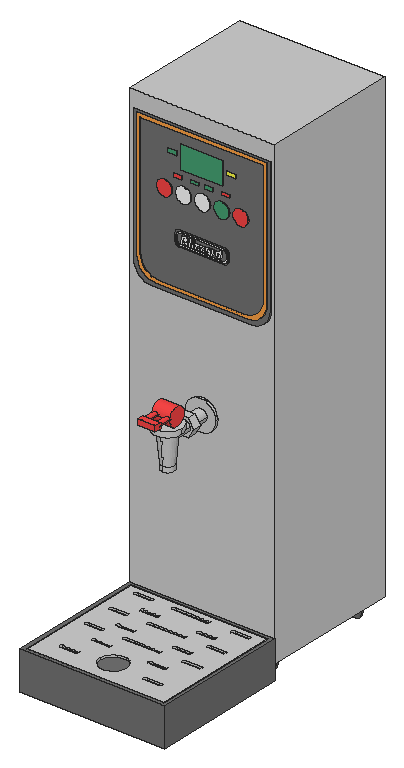
Revit family "QF_BLIZZARD_AF10", category Specialty Equipment, Revit 2016
Family settings
  Part Type = Normal
  Round Connector Dimension = Use Diameter
  OmniClass Number = 23.40.40.14
  OmniClass Title = Food Service Equipment
  Work Plane-Based = No
  Always vertical = Yes
  Cut with Voids When Loaded = No
  Shared = No
  Room Calculation Point = No
Parameters (values of type "AF10")
  URL = "www.blizzardequipment.com"
  Show Logo [instance] = yes
  Show Clearance [instance] = yes
  Model = "AF10"
  Manufacturer = "BLIZZARD"
  Description = "10 LITRE AUTOFILL WATER BOILER"
  Assembly Code = "E1090320"
Reference planes
  plane 1 "Back": y = 0
  plane 2: z = 0
  plane 3 "Left": x = 0
  plane 4 "Right": x = 190
  plane 5 "Front": y = -360
  plane 6 "Top": z = 630
Forms (mm)
  Extrusion 1, solid
    sketch origin (50, 577.394, -395) x (0, -1, 0) y (0, 0, 1)
      loop
        line (577.394, 1025) -> (577.394, 415) -> (757.394, 415) -> (757.394, 1025) -> (577.394, 1025)
    from -140 to 50
  Revolve 2, solid
    sketch origin (3.941, -20, 0) x (1, 0, 0) y (0, 0, 1)
      loop
        line (6.442, 20) -> (11.059, 0) -> (16.059, 0) -> (16.059, 20) -> (6.442, 20)
      axis (16.059, 0) -> (16.059, 20)
    angle from 0 to 360
  Revolve 3, solid
    sketch origin (3.941, -160, 0) x (1, 0, 0) y (0, 0, -1)
      loop
        line (6.442, -20) -> (16.059, -20) -> (16.059, 0) -> (11.059, 0) -> (6.442, -20)
      axis (16.059, 0) -> (16.059, -20)
    angle from 0 to 360
  Revolve 4, solid
    sketch origin (186.059, -20, 0) x (-1, 0, 0) y (0, 0, -1)
      loop
        line (6.442, -20) -> (16.059, -20) -> (16.059, 0) -> (11.059, 0) -> (6.442, -20)
      axis (16.059, 0) -> (16.059, -20)
    angle from 0 to 360
  Revolve 5, solid
    sketch origin (186.059, -160, 0) x (-1, 0, 0) y (0, 0, 1)
      loop
        line (6.442, 20) -> (11.059, 0) -> (16.059, 0) -> (16.059, 20) -> (6.442, 20)
      axis (16.059, 0) -> (16.059, 20)
    angle from 0 to 360
  Extrusion 6, solid
    sketch origin (0, -178.5, 483) x (1, 0, 0) y (0, 0, 1)
      loop
        line (5, 125) -> (5, -50)
        arc (5, -50) -> (12.322, -67.678) -> (30, -75) r 25
        line (30, -75) -> (160, -75)
        arc (160, -75) -> (177.678, -67.678) -> (185, -50) r 25
        line (185, -50) -> (185, 125) -> (5, 125)
    from 0 to 2
  Extrusion 7, solid
    sketch origin (0, -178.7, 483) x (1, 0, 0) y (0, 0, 1)
      loop
        line (10, 122) -> (10, -45)
        arc (10, -45) -> (17.322, -62.678) -> (35, -70) r 25
        line (35, -70) -> (155, -70)
        arc (155, -70) -> (172.678, -62.678) -> (180, -45) r 25
        line (180, -45) -> (180, 122) -> (10, 122)
      loop
        line (14, 118) -> (14, -41)
        arc (14, -41) -> (21.322, -58.678) -> (39, -66) r 25
        line (39, -66) -> (151, -66)
        arc (151, -66) -> (168.678, -58.678) -> (176, -41) r 25
        line (176, -41) -> (176, 118) -> (14, 118)
    from 0 to 2
  Extrusion 8, solid
    sketch origin (-193.536, -179.105, 522.824) x (1, 0, 0) y (0, 0, 1)
      loop
        line (261.036, 64.801) -> (261.036, 34.801) -> (316.036, 34.801) -> (316.036, 64.801) -> (261.036, 64.801)
    from -0.205 to 1.795
  Extrusion 9, solid, visible <- "Show Logo"
    sketch origin (37.642, -178.7, 333.083) x (1, 0, 0) y (0, 0, 1)
      loop
        arc (22.13, 139.05) -> (23.822, 134.965) -> (27.907, 133.273) r 5.777
        line (27.907, 133.273) -> (86.809, 133.273)
        arc (86.809, 133.273) -> (90.894, 134.965) -> (92.585, 139.05) r 5.777
        line (92.585, 139.05) -> (92.585, 147.215)
        arc (92.585, 147.215) -> (90.894, 151.299) -> (86.809, 152.991) r 5.777
        line (86.809, 152.991) -> (27.907, 152.991)
        arc (27.907, 152.991) -> (23.822, 151.299) -> (22.13, 147.215) r 5.777
        line (22.13, 147.215) -> (22.13, 139.05)
    from 0 to 2
  Extrusion 10, solid, visible <- "Show Logo"
    sketch origin (37.642, -178.9, 338.091) x (1, 0, 0) y (0, 0, 1)
      loop
        line (30.3, 133.137) -> (36.162, 133.137)
        arc (36.162, 133.137) -> (39.122, 134.994) -> (38.048, 138.319) r 2.844
        arc (38.048, 138.319) -> (38.838, 141.267) -> (36.338, 143.017) r 2.66
        line (36.338, 143.017) -> (31.338, 143.017) -> (30.3, 133.137)
      loop
        line (33.066, 135.126) -> (35.993, 135.126)
        arc (35.993, 135.126) -> (36.943, 136.076) -> (35.993, 137.026) r 0.95
        line (35.993, 137.026) -> (33.066, 137.026) -> (33.066, 135.126)
      loop
        line (33.528, 139.285) -> (36.147, 139.285)
        arc (36.147, 139.285) -> (36.994, 140.133) -> (36.147, 140.98) r 0.847
        line (36.147, 140.98) -> (33.528, 140.98) -> (33.528, 139.285)
      loop
        line (40.306, 133.137) -> (42.874, 133.137) -> (43.912, 143.017) -> (41.344, 143.017) -> (40.306, 133.137)
      loop
        line (45.174, 140.98) -> (47.749, 140.98) -> (47.964, 143.017) -> (45.389, 143.017) -> (45.174, 140.98)
      loop
        line (45.104, 140.313) -> (44.35, 133.137) -> (46.671, 133.137) -> (47.425, 140.313) -> (45.104, 140.313)
      loop
        line (48.314, 138.359) -> (51.196, 138.359) -> (47.765, 134.548) -> (47.765, 133.137) -> (54.184, 133.137) -> (54.393, 135.126) -> (51.213, 135.126) -> (54.657, 138.952) -> (54.657, 140.313) -> (48.519, 140.313) -> (48.314, 138.359)
      loop
        line (55.213, 138.359) -> (58.095, 138.359) -> (54.664, 134.548) -> (54.664, 133.137) -> (61.084, 133.137) -> (61.293, 135.126) -> (58.112, 135.126) -> (61.557, 138.952) -> (61.557, 140.313) -> (55.419, 140.313) -> (55.213, 138.359)
      loop
        arc (64.816, 137.983) -> (65.785, 138.952) -> (66.753, 137.983) r 0.969
        line (66.753, 137.983) -> (64.711, 137.436)
        arc (64.711, 137.436) -> (62.642, 134.297) -> (66.342, 133.633) r 2.251
        line (66.342, 133.633) -> (66.77, 132.921) -> (69.168, 132.921) -> (68.641, 134.052) -> (69.084, 138.274)
        arc (69.084, 138.274) -> (65.782, 140.567) -> (62.514, 138.225) r 3.488
        line (62.514, 138.225) -> (64.816, 137.983)
      loop
        line (69.848, 133.137) -> (72.232, 133.137) -> (72.59, 136.546)
        arc (72.59, 136.546) -> (73.413, 137.974) -> (75.025, 138.32) r 2.029
        line (75.025, 138.32) -> (75.83, 140.313)
        arc (75.83, 140.313) -> (74.279, 140.541) -> (72.927, 139.749) r 2.362
        line (72.927, 139.749) -> (72.927, 140.627) -> (70.635, 140.627) -> (69.848, 133.137)
      loop
        line (82.596, 133.137) -> (83.635, 143.017) -> (81.373, 143.017) -> (81.031, 139.764)
        arc (81.031, 139.764) -> (75.402, 137.124) -> (80.359, 133.372) r 3.631
        line (80.359, 133.372) -> (82.596, 133.137)
      loop
        spline (78.956, 134.82) -> (79.32, 134.851) -> (79.675, 135.016) -> (79.994, 135.304) -> (80.258, 135.695) -> (80.446, 136.164) -> (80.548, 136.677) -> (80.555, 137.2) -> (80.468, 137.697) -> (80.292, 138.134) -> (80.039, 138.483) -> (79.727, 138.718) -> (79.376, 138.823)
        spline (79.376, 138.823) -> (79.011, 138.793) -> (78.657, 138.628) -> (78.338, 138.34) -> (78.074, 137.948) -> (77.886, 137.48) -> (77.784, 136.967) -> (77.777, 136.444) -> (77.864, 135.947) -> (78.04, 135.509) -> (78.293, 135.161) -> (78.605, 134.926) -> (78.956, 134.82)
      loop
        line (66.385, 136.28) -> (64.729, 135.958)
        arc (64.729, 135.958) -> (64.361, 135.233) -> (65.042, 134.788) r 0.609
        arc (65.042, 134.788) -> (66.068, 135.215) -> (66.385, 136.28) r 1.295
      loop
        line (85.459, 146.184) -> (29.578, 146.184)
        arc (29.578, 146.184) -> (25.494, 144.492) -> (23.802, 140.407) r 5.777
        line (23.802, 140.407) -> (23.802, 135.662)
        arc (23.802, 135.662) -> (25.494, 131.578) -> (29.578, 129.886) r 5.777
        line (29.578, 129.886) -> (85.459, 129.886)
        arc (85.459, 129.886) -> (89.544, 131.578) -> (91.236, 135.662) r 5.777
        line (91.236, 135.662) -> (91.236, 140.407)
        arc (91.236, 140.407) -> (89.544, 144.492) -> (85.459, 146.184) r 5.777
      loop
        line (85.459, 145.184) -> (29.578, 145.184)
        arc (29.578, 145.184) -> (26.201, 143.785) -> (24.802, 140.407) r 4.777
        line (24.802, 140.407) -> (24.802, 135.662)
        arc (24.802, 135.662) -> (26.201, 132.285) -> (29.578, 130.886) r 4.777
        line (29.578, 130.886) -> (85.459, 130.886)
        arc (85.459, 130.886) -> (88.837, 132.285) -> (90.236, 135.662) r 4.777
        line (90.236, 135.662) -> (90.236, 140.407)
        arc (90.236, 140.407) -> (88.837, 143.785) -> (85.459, 145.184) r 4.777
    from 0 to 2
  Extrusion 11, solid
    sketch origin (-23.301, -58.067, 217.271) x (1, 0, 0) y (0, 0, 1)
      loop
        circle (118.301, 62.729) r 20
    from 121.933 to 124.633
  Extrusion 12, solid
    sketch origin (-23.301, -182.7, 217.271) x (1, 0, 0) y (0, 0, 1)
      loop
        line (111.456, 74.584) -> (104.611, 62.729) -> (111.456, 50.874) -> (125.145, 50.874) -> (131.99, 62.729) -> (125.145, 74.584) -> (111.456, 74.584)
    from 17.525 to 27.645
  Extrusion 13, solid
    sketch origin (-4.514, 367.404, 217.423) x (1, 0, 0) y (0, 1, 0)
      loop
        circle (99.573, -604.113) r 18.255
    from 70.303 to 76.602
  Extrusion 14, solid
    sketch origin (0, 0, 0) x (1, 0, 0) y (0, 1, 0)
      loop
        line (0, -180) -> (0, -360) -> (190, -360) -> (190, -180) -> (0, -180)
      loop
        line (5, -185) -> (5, -355) -> (185, -355) -> (185, -185) -> (5, -185)
    from 0 to 50
  Extrusion 15, solid
    sketch origin (0, 0, 0) x (1, 0, 0) y (0, 1, 0)
      loop
        line (5, -185) -> (5, -355) -> (185, -355) -> (185, -185) -> (5, -185)
      loop
        arc (21.079, -193.828) -> (18.579, -196.328) -> (21.079, -198.828) r 2.5
        line (21.079, -198.828) -> (41.079, -198.828)
        arc (41.079, -198.828) -> (43.579, -196.328) -> (41.079, -193.828) r 2.5
        line (41.079, -193.828) -> (21.079, -193.828)
      loop
        arc (71.079, -193.828) -> (68.579, -196.328) -> (71.079, -198.828) r 2.5
        line (71.079, -198.828) -> (116.079, -198.828)
        arc (116.079, -198.828) -> (118.579, -196.328) -> (116.079, -193.828) r 2.5
        line (116.079, -193.828) -> (71.079, -193.828)
      loop
        line (168.921, -193.828) -> (148.921, -193.828)
        arc (148.921, -193.828) -> (146.421, -196.328) -> (148.921, -198.828) r 2.5
        line (148.921, -198.828) -> (168.921, -198.828)
        arc (168.921, -198.828) -> (171.421, -196.328) -> (168.921, -193.828) r 2.5
      loop
        arc (47.891, -216.325) -> (45.391, -218.825) -> (47.891, -221.325) r 2.5
        line (47.891, -221.325) -> (67.891, -221.325)
        arc (67.891, -221.325) -> (70.391, -218.825) -> (67.891, -216.325) r 2.5
        line (67.891, -216.325) -> (47.891, -216.325)
      loop
        line (142.109, -216.325) -> (122.109, -216.325)
        arc (122.109, -216.325) -> (119.609, -218.825) -> (122.109, -221.325) r 2.5
        line (122.109, -221.325) -> (142.109, -221.325)
        arc (142.109, -221.325) -> (144.609, -218.825) -> (142.109, -216.325) r 2.5
      loop
        arc (21.079, -233.828) -> (18.579, -236.328) -> (21.079, -238.828) r 2.5
        line (21.079, -238.828) -> (41.079, -238.828)
        arc (41.079, -238.828) -> (43.579, -236.328) -> (41.079, -233.828) r 2.5
        line (41.079, -233.828) -> (21.079, -233.828)
      loop
        arc (71.079, -233.828) -> (68.579, -236.328) -> (71.079, -238.828) r 2.5
        line (71.079, -238.828) -> (116.079, -238.828)
        arc (116.079, -238.828) -> (118.579, -236.328) -> (116.079, -233.828) r 2.5
        line (116.079, -233.828) -> (71.079, -233.828)
      loop
        line (168.921, -233.828) -> (148.921, -233.828)
        arc (148.921, -233.828) -> (146.421, -236.328) -> (148.921, -238.828) r 2.5
        line (148.921, -238.828) -> (168.921, -238.828)
        arc (168.921, -238.828) -> (171.421, -236.328) -> (168.921, -233.828) r 2.5
      loop
        arc (47.891, -256.325) -> (45.391, -258.825) -> (47.891, -261.325) r 2.5
        line (47.891, -261.325) -> (67.891, -261.325)
        arc (67.891, -261.325) -> (70.391, -258.825) -> (67.891, -256.325) r 2.5
        line (67.891, -256.325) -> (47.891, -256.325)
      loop
        line (142.109, -256.325) -> (122.109, -256.325)
        arc (122.109, -256.325) -> (119.609, -258.825) -> (122.109, -261.325) r 2.5
        line (122.109, -261.325) -> (142.109, -261.325)
        arc (142.109, -261.325) -> (144.609, -258.825) -> (142.109, -256.325) r 2.5
      loop
        arc (21.079, -273.828) -> (18.579, -276.328) -> (21.079, -278.828) r 2.5
        line (21.079, -278.828) -> (41.079, -278.828)
        arc (41.079, -278.828) -> (43.579, -276.328) -> (41.079, -273.828) r 2.5
        line (41.079, -273.828) -> (21.079, -273.828)
      loop
        arc (71.079, -273.828) -> (68.579, -276.328) -> (71.079, -278.828) r 2.5
        line (71.079, -278.828) -> (116.079, -278.828)
        arc (116.079, -278.828) -> (118.579, -276.328) -> (116.079, -273.828) r 2.5
        line (116.079, -273.828) -> (71.079, -273.828)
      loop
        line (168.921, -273.828) -> (148.921, -273.828)
        arc (148.921, -273.828) -> (146.421, -276.328) -> (148.921, -278.828) r 2.5
        line (148.921, -278.828) -> (168.921, -278.828)
        arc (168.921, -278.828) -> (171.421, -276.328) -> (168.921, -273.828) r 2.5
      loop
        arc (47.891, -296.325) -> (45.391, -298.825) -> (47.891, -301.325) r 2.5
        line (47.891, -301.325) -> (67.891, -301.325)
        arc (67.891, -301.325) -> (70.391, -298.825) -> (67.891, -296.325) r 2.5
        line (67.891, -296.325) -> (47.891, -296.325)
      loop
        line (142.109, -296.325) -> (122.109, -296.325)
        arc (122.109, -296.325) -> (119.609, -298.825) -> (122.109, -301.325) r 2.5
        line (122.109, -301.325) -> (142.109, -301.325)
        arc (142.109, -301.325) -> (144.609, -298.825) -> (142.109, -296.325) r 2.5
      loop
        circle (93.579, -323.828) r 17.498
      loop
        arc (30.391, -326.636) -> (27.891, -329.136) -> (30.391, -331.636) r 2.5
        line (30.391, -331.636) -> (50.391, -331.636)
        arc (50.391, -331.636) -> (52.891, -329.136) -> (50.391, -326.636) r 2.5
        line (50.391, -326.636) -> (30.391, -326.636)
      loop
        line (159.609, -326.636) -> (139.609, -326.636)
        arc (139.609, -326.636) -> (137.109, -329.136) -> (139.609, -331.636) r 2.5
        line (139.609, -331.636) -> (159.609, -331.636)
        arc (159.609, -331.636) -> (162.109, -329.136) -> (159.609, -326.636) r 2.5
    from 47.796 to 50
  Extrusion 16, solid
    sketch origin (0, 0, -25.137) x (1, 0, 0) y (0, 1, 0)
      loop
        line (5, -185) -> (5, -355) -> (185, -355) -> (185, -185) -> (5, -185)
    from 25.137 to 72.933
  Extrusion 17, solid
    sketch origin (-25.222, -182.7, 244.753) x (1, 0, 0) y (0, 0, 1)
      loop
        circle (120.222, 35.247) r 7.726
    from 0 to 52.525
  Revolve 18, solid
    sketch origin (95, 0, 0) x (0, 1, 0) y (0, 0, 1)
      loop
        line (-225, 287.726) -> (-236.709, 287.726) -> (-236.709, 248.023) -> (-229.982, 248.023) -> (-229.982, 241.06) -> (-228.486, 241.06) -> (-228.486, 247.878) -> (-225, 287.726)
      axis (-236.709, 287.726) -> (-236.709, 241.06)
    angle from 0 to 360
  Extrusion 19, solid
    sketch origin (0, 0, 0) x (0, 1, 0) y (0, 0, 1)
      loop
        circle (-236.229, 305.708) r 11.683
    from 83.346 to 106.709
  Extrusion 20, solid
    sketch origin (0, 0, 0) x (1, 0, 0) y (0, 0, 1)
      loop
        circle (86.955, 306.879) r 2.814
      loop
        circle (103.045, 306.879) r 2.814
    from 244.027 to 270
  Extrusion 21, solid
    sketch origin (0, -25.746, -1.128) x (0, 1, 0) y (0, 0, 1)
      loop
        line (-236.949, 311.335) -> (-246.041, 311.335) -> (-246.041, 304.713) -> (-236.949, 304.713) -> (-236.949, 311.335)
    from 83.346 to 106.709
  Extrusion 22, solid
    sketch origin (-230.887, -179.105, 522.824) x (1, 0, 0) y (0, 0, 1)
      loop
        line (281.036, 54.801) -> (281.036, 49.801) -> (292.836, 49.801) -> (292.836, 54.801) -> (281.036, 54.801)
    from -0.205 to 1.795
  Extrusion 23, solid
    sketch origin (420.887, -179.105, 522.824) x (-1, 0, 0) y (0, 0, -1)
      loop
        line (281.036, -54.801) -> (292.836, -54.801) -> (292.836, -49.801) -> (281.036, -49.801) -> (281.036, -54.801)
    from -0.205 to 1.795
  Extrusion 24, solid
    sketch origin (-236.099, -179.105, 496.009) x (1, 0, 0) y (0, 0, 1)
      loop
        line (294.864, 54.801) -> (294.864, 50.801) -> (304.664, 50.801) -> (304.664, 54.801) -> (294.864, 54.801)
    from -0.205 to 1.795
  Extrusion 25, solid
    sketch origin (-213.982, -179.105, 496.009) x (1, 0, 0) y (0, 0, 1)
      loop
        line (294.864, 54.801) -> (294.864, 50.801) -> (304.664, 50.801) -> (304.664, 54.801) -> (294.864, 54.801)
    from -0.205 to 1.795
  Extrusion 26, solid
    sketch origin (426.099, -179.105, 496.009) x (-1, 0, 0) y (0, 0, -1)
      loop
        line (294.864, -54.801) -> (304.664, -54.801) -> (304.664, -50.801) -> (294.864, -50.801) -> (294.864, -54.801)
    from -0.205 to 1.795
  Extrusion 27, solid
    sketch origin (403.982, -179.105, 496.009) x (-1, 0, 0) y (0, 0, -1)
      loop
        line (294.864, -54.801) -> (304.664, -54.801) -> (304.664, -50.801) -> (294.864, -50.801) -> (294.864, -54.801)
    from -0.205 to 1.795
  Extrusion 28, solid
    sketch origin (-248.691, -179.105, 483.417) x (1, 0, 0) y (0, 0, 1)
      loop
        circle (294.586, 45.553) r 10
    from -0.205 to 1.795
  Extrusion 29, solid
    sketch origin (-223.691, -179.105, 483.417) x (1, 0, 0) y (0, 0, 1)
      loop
        circle (294.586, 45.553) r 10
    from -0.205 to 1.795
  Extrusion 30, solid
    sketch origin (-198.691, -179.105, 483.417) x (1, 0, 0) y (0, 0, 1)
      loop
        circle (294.586, 45.553) r 10
    from -0.205 to 1.795
  Extrusion 31, solid
    sketch origin (-173.691, -179.105, 483.417) x (1, 0, 0) y (0, 0, 1)
      loop
        circle (294.586, 45.553) r 10
    from -0.205 to 1.795
  Extrusion 32, solid
    sketch origin (-148.691, -179.105, 483.417) x (1, 0, 0) y (0, 0, 1)
      loop
        circle (294.586, 45.553) r 10
    from -0.205 to 1.795
Lines and regions (mm)
  reference lines
    curve 1: line (0, -183.475, 1485) -> (0, -697.791, 1021.908)
  symbolic lines, style "200-EquipBorder-2D"
    curve 2: line (0, 0, 0) -> (0, -360, 0)
    curve 3: line (0, -360, 0) -> (190, -360, 0)
    curve 4: line (190, -360, 0) -> (190, 0, 0)
    curve 5: line (190, 0, 0) -> (0, 0, 0)
  symbolic lines, style "200-EquipInternal-2D"
    curve 6: line (21.079, -193.828, 0) -> (41.079, -193.828, 0)
    curve 7: arc (21.079, -198.828, 0) -> (18.579, -196.328, 0) -> (21.079, -193.828, 0) r 2.5
    curve 8: line (41.079, -198.828, 0) -> (21.079, -198.828, 0)
    curve 9: arc (41.079, -193.828, 0) -> (43.579, -196.328, 0) -> (41.079, -198.828, 0) r 2.5
    curve 10: arc (71.079, -198.828, 0) -> (68.579, -196.328, 0) -> (71.079, -193.828, 0) r 2.5
    curve 11: line (102.716, -193.828, 0) -> (116.079, -193.828, 0)
    curve 12: line (116.079, -198.828, 0) -> (102.716, -198.828, 0)
    curve 13: arc (116.079, -193.828, 0) -> (118.579, -196.328, 0) -> (116.079, -198.828, 0) r 2.5
    curve 14: arc (148.921, -198.828, 0) -> (146.421, -196.328, 0) -> (148.921, -193.828, 0) r 2.5
    curve 15: line (148.921, -193.828, 0) -> (168.921, -193.828, 0)
    curve 16: line (168.921, -198.828, 0) -> (148.921, -198.828, 0)
    curve 17: arc (168.921, -193.828, 0) -> (171.421, -196.328, 0) -> (168.921, -198.828, 0) r 2.5
    curve 18: line (47.891, -216.325, 0) -> (67.891, -216.325, 0)
    curve 19: arc (47.891, -221.325, 0) -> (45.391, -218.825, 0) -> (47.891, -216.325, 0) r 2.5
    curve 20: line (67.891, -221.325, 0) -> (47.891, -221.325, 0)
    curve 21: arc (67.891, -216.325, 0) -> (70.391, -218.825, 0) -> (67.891, -221.325, 0) r 2.5
    curve 22: arc (122.109, -221.325, 0) -> (119.609, -218.825, 0) -> (122.109, -216.325, 0) r 2.5
    curve 23: line (122.109, -216.325, 0) -> (142.109, -216.325, 0)
    curve 24: line (142.109, -221.325, 0) -> (122.109, -221.325, 0)
    curve 25: arc (142.109, -216.325, 0) -> (144.609, -218.825, 0) -> (142.109, -221.325, 0) r 2.5
    curve 26: arc (148.921, -238.828, 0) -> (146.421, -236.328, 0) -> (148.921, -233.828, 0) r 2.5
    curve 27: line (148.921, -233.828, 0) -> (168.921, -233.828, 0)
    curve 28: line (168.921, -238.828, 0) -> (148.921, -238.828, 0)
    curve 29: arc (168.921, -233.828, 0) -> (171.421, -236.328, 0) -> (168.921, -238.828, 0) r 2.5
    curve 30: arc (142.109, -256.325, 0) -> (144.609, -258.825, 0) -> (142.109, -261.325, 0) r 2.5
    curve 31: arc (122.109, -261.325, 0) -> (119.609, -258.825, 0) -> (122.109, -256.325, 0) r 2.5
    curve 32: line (142.109, -261.325, 0) -> (122.109, -261.325, 0)
    curve 33: line (122.109, -256.325, 0) -> (142.109, -256.325, 0)
    curve 34: arc (148.921, -278.828, 0) -> (146.421, -276.328, 0) -> (148.921, -273.828, 0) r 2.5
    curve 35: line (148.921, -273.828, 0) -> (168.921, -273.828, 0)
    curve 36: line (168.921, -278.828, 0) -> (148.921, -278.828, 0)
    curve 37: arc (168.921, -273.828, 0) -> (171.421, -276.328, 0) -> (168.921, -278.828, 0) r 2.5
    curve 38: arc (71.079, -278.828, 0) -> (68.579, -276.328, 0) -> (71.079, -273.828, 0) r 2.5
    curve 39: line (71.079, -273.828, 0) -> (116.079, -273.828, 0)
    curve 40: line (116.079, -278.828, 0) -> (71.079, -278.828, 0)
    curve 41: arc (116.079, -273.828, 0) -> (118.579, -276.328, 0) -> (116.079, -278.828, 0) r 2.5
    curve 42: arc (21.079, -278.828, 0) -> (18.579, -276.328, 0) -> (21.079, -273.828, 0) r 2.5
    curve 43: line (21.079, -273.828, 0) -> (41.079, -273.828, 0)
    curve 44: line (41.079, -278.828, 0) -> (21.079, -278.828, 0)
    curve 45: arc (41.079, -273.828, 0) -> (43.579, -276.328, 0) -> (41.079, -278.828, 0) r 2.5
    curve 46: arc (47.891, -261.325, 0) -> (45.391, -258.825, 0) -> (47.891, -256.325, 0) r 2.5
    curve 47: line (67.891, -261.325, 0) -> (47.891, -261.325, 0)
    curve 48: line (47.891, -256.325, 0) -> (67.891, -256.325, 0)
    curve 49: arc (67.891, -256.325, 0) -> (70.391, -258.825, 0) -> (67.891, -261.325, 0) r 2.5
    curve 50: arc (21.079, -238.828, 0) -> (18.579, -236.328, 0) -> (21.079, -233.828, 0) r 2.5
    curve 51: arc (41.079, -233.828, 0) -> (43.579, -236.328, 0) -> (41.079, -238.828, 0) r 2.5
    curve 52: line (41.079, -238.828, 0) -> (21.079, -238.828, 0)
    curve 53: line (21.079, -233.828, 0) -> (41.079, -233.828, 0)
    curve 54: line (113.086, -233.828, 0) -> (116.079, -233.828, 0)
    curve 55: arc (71.079, -238.828, 0) -> (68.579, -236.328, 0) -> (71.079, -233.828, 0) r 2.5
    curve 56: line (116.079, -238.828, 0) -> (113.191, -238.828, 0)
    curve 57: arc (116.079, -233.828, 0) -> (118.579, -236.328, 0) -> (116.079, -238.828, 0) r 2.5
    curve 58: line (47.891, -296.325, 0) -> (67.891, -296.325, 0)
    curve 59: line (67.891, -301.325, 0) -> (47.891, -301.325, 0)
    curve 60: arc (47.891, -301.325, 0) -> (45.391, -298.825, 0) -> (47.891, -296.325, 0) r 2.5
    curve 61: arc (67.891, -296.325, 0) -> (70.391, -298.825, 0) -> (67.891, -301.325, 0) r 2.5
    curve 62: arc (30.391, -331.636, 0) -> (27.891, -329.136, 0) -> (30.391, -326.636, 0) r 2.5
    curve 63: line (30.391, -326.636, 0) -> (50.391, -326.636, 0)
    curve 64: line (50.391, -331.636, 0) -> (30.391, -331.636, 0)
    curve 65: arc (50.391, -326.636, 0) -> (52.891, -329.136, 0) -> (50.391, -331.636, 0) r 2.5
    curve 66: arc (122.109, -301.325, 0) -> (119.609, -298.825, 0) -> (122.109, -296.325, 0) r 2.5
    curve 67: arc (142.109, -296.325, 0) -> (144.609, -298.825, 0) -> (142.109, -301.325, 0) r 2.5
    curve 68: line (122.109, -296.325, 0) -> (142.109, -296.325, 0)
    curve 69: line (142.109, -301.325, 0) -> (122.109, -301.325, 0)
    curve 70: line (139.609, -326.636, 0) -> (159.609, -326.636, 0)
    curve 71: arc (139.609, -331.636, 0) -> (137.109, -329.136, 0) -> (139.609, -326.636, 0) r 2.5
    curve 72: line (159.609, -331.636, 0) -> (139.609, -331.636, 0)
    curve 73: arc (159.609, -326.636, 0) -> (162.109, -329.136, 0) -> (159.609, -331.636, 0) r 2.5
    curve 74: circle (93.579, -323.828, 0) r 17.498 normal (0, 0, -1)
    curve 75: line (0, -180, 0) -> (190, -180, 0)
    curve 76: line (83.346, -271.787, 0) -> (106.709, -271.787, 0)
    curve 77: line (106.709, -262.695, 0) -> (83.346, -262.695, 0)
    curve 78: line (83.346, -224.546, 0) -> (83.346, -247.912, 0)
    curve 79: line (106.709, -247.912, 0) -> (106.709, -224.546, 0)
    curve 80: line (106.709, -271.787, 0) -> (106.709, -262.695, 0)
    curve 81: line (83.346, -262.695, 0) -> (83.346, -271.787, 0)
    curve 82: line (81.311, -210.345, 0) -> (81.311, -200.225, 0)
    curve 83: line (81.311, -210.345, 0) -> (108.689, -210.345, 0)
    curve 84: line (108.689, -200.225, 0) -> (81.311, -200.225, 0)
    curve 85: line (108.689, -200.225, 0) -> (108.689, -210.345, 0)
    curve 86: line (101.845, -200.225, 0) -> (101.845, -210.345, 0)
    curve 87: line (88.155, -200.225, 0) -> (88.155, -210.345, 0)
    curve 88: line (75, -182.7, 0) -> (115, -182.7, 0)
    curve 89: line (75, -182.7, 0) -> (75, -180, 0)
    curve 90: line (115, -182.7, 0) -> (115, -180, 0)
    curve 91: line (71.079, -193.828, 0) -> (87.315, -193.828, 0)
    curve 92: line (87.315, -182.7, 0) -> (87.315, -200.225, 0)
    curve 93: line (102.716, -182.7, 0) -> (102.716, -200.225, 0)
    curve 94: line (71.079, -198.828, 0) -> (87.315, -198.828, 0)
    curve 95: line (87.25, -220.209, 0) -> (87.25, -210.345, 0)
    curve 96: line (102.762, -220.159, 0) -> (102.762, -210.345, 0)
    curve 97: line (71.079, -233.828, 0) -> (77.033, -233.828, 0)
    curve 98: line (71.079, -238.828, 0) -> (76.928, -238.828, 0)
    curve 99: line (83.346, -224.546, 0) -> (106.709, -224.546, 0)
    curve 100: line (84.162, -262.695, 0) -> (84.162, -247.912, 0)
    curve 101: line (83.346, -247.912, 0) -> (84.162, -247.912, 0)
    curve 102: line (106.709, -247.912, 0) -> (105.899, -247.912, 0)
    curve 103: line (105.899, -247.912, 0) -> (105.899, -262.695, 0)
    curve 104: line (89.766, -247.912, 0) -> (100.163, -247.912, 0)
    curve 105: arc (105.899, -251.398, 0) -> (95.096, -218.454, 0) -> (84.162, -251.355, 0) r 18.255
    curve 106: arc (89.766, -254.184, 0) -> (94.958, -254.979, 0) -> (100.163, -254.268, 0) r 18.333
    curve 107: line (100.163, -247.912, 0) -> (100.163, -262.695, 0)
    curve 108: line (89.766, -247.912, 0) -> (89.766, -262.695, 0)
Dimensions and locks
  plane 3 "Left" to plane 4 "Right" = 190 mm
  plane 5 "Front" to plane 1 "Back" = 360 mm
  plane 1 "Back" to plane 5 "Front" = 360 mm
  plane 4 "Right" to plane 3 "Left" = 190 mm
  plane 6 "Top" to level = 630 mm  (x2)
  plane 3 "Left" to Extrusion 1 = 190 mm
  aligned and locked: level to plane 2
